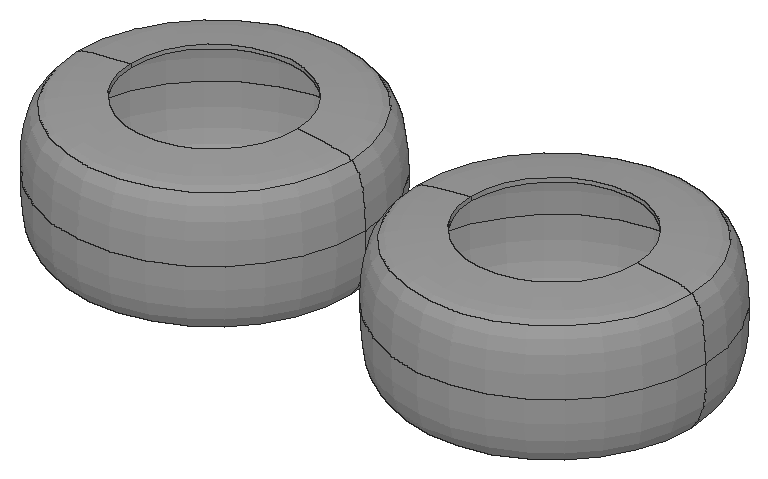
Revit family "CordoloCopertoni", category Generic Models, Revit 2012
Parameters
  numero [instance] = [built-in parameter 1001306] / 600 mm  # 2
  gomma = gomma
  built-in parameter 1001306 [instance] = 1200 mm
Reference planes
  plane 1 "Centro (Fronte/Retro)": y = 0
  plane 2: z = 0
  plane 3 "Sinistra": x = 0
  plane 4 "Destra": x = 1200
Lines and regions (mm)
  reference lines
    curve 1: line (0, 0, 0) -> (1200, 0, 0)
Dimensions and locks
  "built-in parameter 1001306": plane 3 "Sinistra" to plane 4 "Destra"
  group 1 to group 2 = 620 mm
  group 1 to group 2 = 0 mm  (x2)
  aligned and locked: plane 4 "Destra" to curve 1
  aligned and locked: plane 1 "Centro (Fronte/Retro)" to curve 1
  aligned and locked: plane 3 "Sinistra" to curve 1
  aligned and locked: level to plane 2
Nested families
  nested 1: "copertone" at (276.547, 0, 0), type "copertone"
  nested 2: "copertone" at (896.547, 0, 0), type "copertone"
Definition of nested family "copertone"
  Parameters (values of type "copertone")
    larghezza = 250.395 mm
    gomma = gomma
    diametro = 3443.111 mm
  Reference planes
    plane 1 "Centro (Fronte/Retro)": y = 0
    plane 2: z = 0
    plane 3 "Centro (Sinistra/Destra)": x = 0
    plane 4: z = 1112.493
    plane 5: z = 1234.53
    plane 6: z = 984.135
  Forms (mm)
    Revolve 1, solid, material "gomma" <- "gomma"
      sketch origin (0, 0, 0) x (1, 0, 0) y (0, 0, 1)
        loop
          spline (-276.547, 1112.319) -> (-276.524, 1097.305) -> (-276.245, 1083.622) -> (-275.676, 1071.18) -> (-274.78, 1059.887) -> (-273.522, 1049.653) -> (-271.865, 1040.387) -> (-269.773, 1031.999) -> (-267.212, 1024.397) -> (-264.144, 1017.492) -> (-260.534, 1011.191) -> (-256.346, 1005.405) -> (-251.545, 1000.043)
          spline (-251.545, 1000.043) -> (-249.376, 998.18) -> (-246.111, 996.527) -> (-241.748, 995.05) -> (-236.283, 993.716) -> (-229.711, 992.491) -> (-222.029, 991.341) -> (-213.234, 990.233) -> (-203.321, 989.132) -> (-192.286, 988.006) -> (-180.127, 986.82) -> (-166.839, 985.541) -> (-152.418, 984.135)
          line (-152.418, 984.135) -> (-152.418, 990.951) -> (-236.666, 1002.792)
          spline (-236.666, 1002.792) -> (-240.442, 1007.052) -> (-244.019, 1012.031) -> (-247.371, 1017.779) -> (-250.471, 1024.346) -> (-253.292, 1031.781) -> (-255.81, 1040.133) -> (-257.996, 1049.454) -> (-259.826, 1059.792) -> (-261.273, 1071.198) -> (-262.31, 1083.721) -> (-262.911, 1097.412) -> (-263.051, 1112.319)
          spline (-263.051, 1112.319) -> (-262.733, 1126.456) -> (-261.993, 1139.433) -> (-260.854, 1151.298) -> (-259.34, 1162.098) -> (-257.476, 1171.881) -> (-255.287, 1180.694) -> (-252.795, 1188.585) -> (-250.027, 1195.601) -> (-247.005, 1201.791) -> (-243.755, 1207.201) -> (-240.301, 1211.879) -> (-236.666, 1215.873)
          line (-236.666, 1215.873) -> (-152.418, 1227.713) -> (-152.418, 1234.53)
          spline (-152.418, 1234.53) -> (-166.839, 1233.124) -> (-180.127, 1231.845) -> (-192.286, 1230.659) -> (-203.321, 1229.532) -> (-213.234, 1228.432) -> (-222.029, 1227.323) -> (-229.711, 1226.173) -> (-236.283, 1224.948) -> (-241.748, 1223.614) -> (-246.111, 1222.138) -> (-249.376, 1220.485) -> (-251.545, 1218.622)
          spline (-251.545, 1218.622) -> (-256.164, 1213.585) -> (-260.204, 1208.14) -> (-263.702, 1202.2) -> (-266.692, 1195.679) -> (-269.21, 1188.491) -> (-271.29, 1180.552) -> (-272.968, 1171.774) -> (-274.278, 1162.073) -> (-275.256, 1151.363) -> (-275.937, 1139.558) -> (-276.356, 1126.572) -> (-276.547, 1112.319)
        axis (0, 1234.53) -> (0, 984.135)
      angle from 0 to 360
  Dimensions and locks
    "larghezza": plane 5 to plane 6
    aligned and locked: level to plane 2
    aligned and locked: plane 6 to Revolve 1
    aligned and locked: plane 5 to Revolve 1
  Automatic sketch dimensions
    Revolve 1 sketch curve to plane 3 "Centro (Sinistra/Destra)" = 0 mm
    Revolve 1 sketch curve to plane 3 "Centro (Sinistra/Destra)" = 152.418 mm  (x2)
    plane 4 to Revolve 1 sketch curve = 103.381 mm
    Revolve 1 sketch curve to Revolve 1 sketch curve = 84.248 mm  (x2)
    plane 4 to Revolve 1 sketch curve = 106.129 mm
    Revolve 1 sketch curve to Revolve 1 sketch curve = 14.879 mm  (x2)
    Revolve 1 sketch curve to plane 4 = 0.174 mm  (x2)
    Revolve 1 sketch curve to Revolve 1 sketch curve = 26.385 mm
    Revolve 1 sketch curve to Revolve 1 sketch curve = 13.496 mm
    Revolve 1 sketch curve to Revolve 1 sketch curve = 109.527 mm
    Revolve 1 sketch curve to Revolve 1 sketch curve = 2.749 mm
    Revolve 1 sketch curve to Revolve 1 sketch curve = 11.84 mm  (x2)
    Revolve 1 sketch curve to Revolve 1 sketch curve = 6.817 mm  (x2)
    plane 6 to Revolve 1 sketch curve = 133.712 mm
    Revolve 1 sketch curve to plane 5 = 166.731 mm
